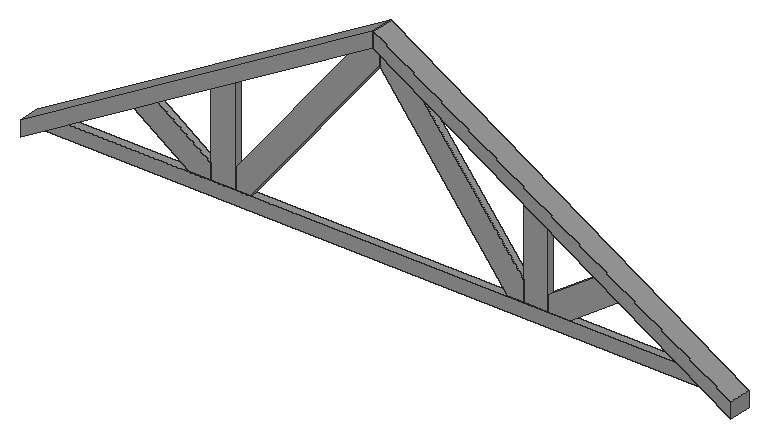
Revit family "DoubleFanTruss", category Structural Framing, Revit 2021
Family settings
  Section Shape = Not Defined
  Material for Model Behavior = Wood
  Always export as geometry = No
  OmniClass Number = 23.25.30.21.14
  OmniClass Title = Trussed Beams and Joists
  Work Plane-Based = No
  Always vertical = Yes
  Cut with Voids When Loaded = No
  Symbolic Representation = From Family
  Shared = No
  Show family pre-cut in plan views = Yes
Parameters
  WebWidth [instance] = 140 mm
  TopWidth [instance] = 500 mm
  WebDepth [instance] = 550 mm
  Structural Material [instance] = Poche
  SpanRight [instance] = 7000 mm
  SpanLeft [instance] = 7000 mm
  Span [instance] = SpanLeft + SpanRight  # 14000 mm
  SlopeRight [instance] = 30.00°
  SlopeLeft [instance] = 30.00°
  OverhangRight [instance] = 900 mm
  OverhangLeft [instance] = 1000 mm
  BottomWidth [instance] = 180 mm
  BottomDepth [instance] = 300 mm
  TopDepth [instance] = 300 mm
Reference planes
  plane 1 "Center (Front/Back)": y = 0
  plane 2: z = 0
  plane 3 "Center (Left/Right)": x = 0
  plane 4: x = 7000
  plane 5: x = 8000
  plane 6: x = -7000
  plane 7: x = -7900
  plane 8: z = 300
  plane 9: x = 3500
  plane 10: x = -3500
  plane 11: x = 3775
  plane 12: x = -3775
  plane 13: x = -3225
  plane 14: x = 3225
  plane 15: x = 5250
  plane 16: x = -5250
Forms (mm)
  Extrusion 1, solid, material "Cherry"
    sketch origin (0, 0, 0) x (1, 0, 0) y (0, 0, 1)
      loop
        line (-7900, 126.795) -> (-7900, -219.615) -> (0, 4341.452) -> (0, 4687.862) -> (-7900, 126.795)
    from -250 to 250
  Extrusion 2, solid, material "Cherry"
    sketch origin (9125, 0, 9254.6) x (1, 0, 0) y (0, 0, 1)
      loop
        line (-1125, -9531.95) -> (-1125, -9185.54) -> (-9125, -4566.738) -> (-9125, -4913.148) -> (-1125, -9531.95)
    from -250 to 250
  Extrusion 3, solid, material "Cherry"
    sketch origin (0, 0, 0) x (1, 0, 0) y (0, 0, 1)
      loop
        line (7519.615, 0) -> (7000, 300) -> (-7000, 300) -> (-7519.615, 0) -> (7519.615, 0)
    from -90 to 90
  Extrusion 4, solid, material "Cherry"
    sketch origin (0, 0, 0) x (1, 0, 0) y (0, 0, 1)
      loop
        line (-3225, 2479.497) -> (-3775, 2161.955) -> (-3775, 300) -> (-3225, 300) -> (-3225, 2479.497)
    from -70 to 70
  Extrusion 5, solid, material "Cherry"
    sketch origin (0, 0, 0) x (1, 0, 0) y (0, 0, 1)
      loop
        line (3775, 2161.955) -> (3225, 2479.497) -> (3225, 300) -> (3775, 300) -> (3775, 2161.955)
    from -70 to 70
  Extrusion 6, solid, material "Cherry"
    sketch origin (0, 0, 0) x (1, 0, 0) y (0, 0, 1)
      loop
        line (-2873.175, 300) -> (0, 3900.557) -> (0, 4341.452) -> (-652.391, 3964.794) -> (-3225, 740.894) -> (-3225, 300) -> (-2873.175, 300)
    from -70 to 70
  Extrusion 7, solid, material "Cherry"
    sketch origin (0, 0, 0) x (1, 0, 0) y (0, 0, 1)
      loop
        line (652.391, 3964.794) -> (0, 4341.452) -> (0, 3900.557) -> (2873.175, 300) -> (3225, 300) -> (3225, 740.894) -> (652.391, 3964.794)
    from -70 to 70
  Extrusion 8, solid, material "Cherry"
    sketch origin (0, 0, 0) x (1, 0, 0) y (0, 0, 1)
      loop
        line (-3775, 633.331) -> (-4985.943, 1462.817) -> (-5514.057, 1157.909) -> (-4261.62, 300) -> (-3775, 300) -> (-3775, 633.331)
    from -70 to 70
  Extrusion 9, solid, material "Cherry"
    sketch origin (0, 0, 0) x (1, 0, 0) y (0, 0, 1)
      loop
        line (4261.62, 300) -> (5514.057, 1157.909) -> (4985.943, 1462.817) -> (3775, 633.331) -> (3775, 300) -> (4261.62, 300)
    from -70 to 70
Lines and regions (mm)
  reference lines
    curve 1: line (0, 250, 1795.888) -> (0, 250, -804.112)
    curve 2: line (0, -250, 1795.888) -> (0, -250, -804.112)
    curve 3: line (0, -70, 1795.888) -> (0, -70, -804.112)
    curve 4: line (0, -90, 1795.888) -> (0, -90, -804.112)
    curve 5: line (0, 70, 1795.888) -> (0, 70, -804.112)
    curve 6: line (0, 90, 1795.888) -> (0, 90, -804.112)
    curve 7: line (-7000, 0, 300) -> (1573.651, 0, 5250)
    curve 8: line (7000, 0, 300) -> (-534.421, 0, 4650)
    curve 9: line (-7128.558, 0, 572.187) -> (196.187, 0, 4801.131)
    curve 10: line (7128.558, 0, 572.187) -> (28.017, 0, 4671.686)
    curve 11: line (0, 0, 4341.452) -> (3225, 0, 300)
    curve 12: line (-3225, 0, 300) -> (0, 0, 4341.452)
    curve 13: line (-3366.421, 0, 563.67) -> (-141.421, 0, 4605.122)
    curve 14: line (-2986.026, 0, 158.579) -> (141.421, 0, 4077.782)
    curve 15: line (141.421, 0, 4605.122) -> (3366.421, 0, 563.67)
    curve 16: line (-141.421, 0, 4077.782) -> (2986.026, 0, 158.579)
    curve 17: line (3775, 0, 300) -> (5250, 0, 1310.363)
    curve 18: line (-3775, 0, 300) -> (-5250, 0, 1310.363)
    curve 19: line (3661.975, 0, 555.91) -> (5136.975, 0, 1566.273)
    curve 20: line (3888.025, 0, 44.09) -> (5363.025, 0, 1054.453)
    curve 21: line (-3661.975, 0, 555.91) -> (-5136.975, 0, 1566.273)
    curve 22: line (-3888.025, 0, 44.09) -> (-5363.025, 0, 1054.453)
Dimensions and locks
  "OverhangLeft": plane 4 to plane 5
  "OverhangRight": plane 6 to plane 7
  "SpanRight": plane 3 "Center (Left/Right)" to plane 6
  "SpanLeft": plane 3 "Center (Left/Right)" to plane 4
  equal spacing: curve 1, plane 1 "Center (Front/Back)", curve 2
  "TopWidth": curve 1 to curve 2
  equal spacing: curve 5, plane 1 "Center (Front/Back)", curve 3
  equal spacing: curve 6, plane 1 "Center (Front/Back)", curve 4
  "WebWidth": curve 5 to curve 3
  "BottomWidth": curve 6 to curve 4
  equal spacing: plane 4, plane 9, plane 3 "Center (Left/Right)"
  equal spacing: plane 3 "Center (Left/Right)", plane 10, plane 6
  "BottomDepth": plane 2 to plane 8
  "TopDepth": curve 9 to curve 7
  "TopDepth": curve 8 to curve 10
  equal spacing: plane 13, plane 10, plane 12
  equal spacing: plane 14, plane 9, plane 11
  "WebDepth": plane 13 to plane 12
  "WebDepth": plane 14 to plane 11
  equal spacing: plane 4, plane 15, plane 9
  equal spacing: plane 10, plane 16, plane 6
  equal spacing: curve 14, curve 12, curve 13
  "WebDepth": curve 14 to curve 13
  equal spacing: curve 16, curve 11, curve 15
  "WebDepth": curve 16 to curve 15
  equal spacing: curve 20, curve 17, curve 19
  "WebDepth": curve 20 to curve 19
  equal spacing: curve 21, curve 18, curve 22
  "WebDepth": curve 21 to curve 22
  "SlopeRight": angle curve 7 to plane 8
  "SlopeLeft": angle plane 8 to curve 8
  aligned and locked: plane 2 to level
  aligned and locked: plane 6 to curve 7
  aligned and locked: plane 8 to curve 7
  aligned and locked: plane 8 to curve 8
  aligned and locked: plane 4 to curve 8
  aligned and locked: Extrusion 1 sketch curve to curve 9
  aligned and locked: plane 3 "Center (Left/Right)" to Extrusion 1 sketch curve
  aligned and locked: Extrusion 1 sketch curve to curve 7
  aligned and locked: Extrusion 1 sketch curve to plane 7
  aligned and locked: Extrusion 2 sketch curve to curve 8
  aligned and locked: Extrusion 2 sketch curve to curve 10
  aligned and locked: plane 5 to Extrusion 2 sketch curve
  aligned and locked: plane 3 "Center (Left/Right)" to Extrusion 2 sketch curve
  aligned and locked: Extrusion 1 to curve 1
  aligned and locked: Extrusion 1 to curve 2
  aligned and locked: plane 2 to Extrusion 3 sketch curve
  aligned and locked: plane 8 to Extrusion 3 sketch curve
  aligned and locked: Extrusion 1 to Extrusion 3 sketch curve
  aligned and locked: Extrusion 2 to Extrusion 3 sketch curve
  aligned and locked: curve 6 to Extrusion 3
  aligned and locked: Extrusion 3 to curve 4
  aligned and locked: plane 13 to Extrusion 4 sketch curve
  aligned and locked: Extrusion 1 to Extrusion 4 sketch curve
  aligned and locked: Extrusion 4 sketch curve to plane 12
  aligned and locked: Extrusion 3 to Extrusion 4 sketch curve
  aligned and locked: Extrusion 5 sketch curve to plane 11
  aligned and locked: plane 14 to Extrusion 5 sketch curve
  aligned and locked: Extrusion 2 to Extrusion 5 sketch curve
  aligned and locked: Extrusion 3 to Extrusion 5 sketch curve
  aligned and locked: Extrusion 5 to curve 5
  aligned and locked: Extrusion 5 to curve 3
  aligned and locked: Extrusion 4 to curve 5
  aligned and locked: Extrusion 4 to curve 3
  aligned and locked: curve 14 to Extrusion 6 sketch curve
  aligned and locked: curve 13 to Extrusion 6 sketch curve
  aligned and locked: Extrusion 1 to Extrusion 6 sketch curve
  aligned and locked: Extrusion 6 sketch curve to plane 3 "Center (Left/Right)"
  aligned and locked: Extrusion 3 to Extrusion 6 sketch curve
  aligned and locked: plane 13 to Extrusion 6 sketch curve
  aligned and locked: curve 15 to Extrusion 7 sketch curve
  aligned and locked: curve 16 to Extrusion 7 sketch curve
  aligned and locked: Extrusion 5 to Extrusion 7 sketch curve
  aligned and locked: Extrusion 3 to Extrusion 7 sketch curve
  aligned and locked: Extrusion 7 sketch curve to plane 3 "Center (Left/Right)"
  aligned and locked: Extrusion 7 sketch curve to Extrusion 2
  aligned and locked: curve 21 to Extrusion 8 sketch curve
  aligned and locked: curve 22 to Extrusion 8 sketch curve
  aligned and locked: Extrusion 1 to Extrusion 8 sketch curve
  aligned and locked: Extrusion 4 to Extrusion 8 sketch curve
  aligned and locked: Extrusion 3 to Extrusion 8 sketch curve
  aligned and locked: curve 20 to Extrusion 9 sketch curve
  aligned and locked: curve 19 to Extrusion 9 sketch curve
  aligned and locked: Extrusion 2 to Extrusion 9 sketch curve
  aligned and locked: Extrusion 3 to Extrusion 9 sketch curve
  aligned and locked: Extrusion 9 sketch curve to Extrusion 5
  aligned and locked: Extrusion 6 to curve 5
  aligned and locked: Extrusion 6 to curve 3
  aligned and locked: Extrusion 7 to curve 5
  aligned and locked: Extrusion 7 to curve 3
  aligned and locked: curve 5 to Extrusion 8
  aligned and locked: Extrusion 8 to curve 3
  aligned and locked: curve 5 to Extrusion 9
  aligned and locked: Extrusion 9 to curve 3
  aligned and locked: Extrusion 2 to curve 1
  aligned and locked: Extrusion 2 to curve 2
Automatic sketch dimensions
  level to curve 6 = 804.112 mm
  curve 1 to curve 6 = 0 mm
  curve 4 to curve 1 = 0 mm
  curve 4 to curve 2 = 0 mm  (x2)
  curve 4 to curve 3 = 0 mm  (x2)
  curve 5 to curve 6 = 0 mm  (x2)
  curve 2 to plane 8 = 1495.888 mm
  curve 2 to curve 5 = 0 mm
  curve 1 to curve 5 = 0 mm
  plane 16 to curve 18 = 0 mm
  curve 18 to plane 8 = 0 mm
  curve 18 to plane 12 = 0 mm
  curve 12 to plane 8 = 0 mm
  plane 13 to curve 12 = 0 mm
  curve 12 to plane 3 "Center (Left/Right)" = 0 mm
  curve 11 to plane 8 = 0 mm
  plane 14 to curve 11 = 0 mm
  curve 17 to plane 8 = 0 mm
  curve 17 to plane 11 = 0 mm
  curve 17 to plane 15 = 0 mm
  curve 9 to plane 6 = 128.558 mm
  plane 16 to curve 22 = 113.025 mm
  curve 21 to plane 16 = 113.025 mm
  level to curve 22 = 44.09 mm
  plane 12 to curve 21 = 113.025 mm
  plane 10 to curve 13 = 133.579 mm
  plane 8 to curve 14 = 141.421 mm
  curve 16 to plane 3 "Center (Left/Right)" = 141.421 mm
  curve 13 to plane 3 "Center (Left/Right)" = 141.421 mm
  plane 3 "Center (Left/Right)" to curve 10 = 28.017 mm
  curve 10 to curve 15 = 113.404 mm
  plane 3 "Center (Left/Right)" to curve 14 = 141.421 mm
  plane 3 "Center (Left/Right)" to curve 9 = 196.187 mm
  plane 8 to curve 16 = 141.421 mm
  curve 15 to plane 9 = 133.579 mm
  curve 19 to plane 11 = 113.025 mm
  level to curve 20 = 44.09 mm
  curve 19 to plane 15 = 113.025 mm
  plane 15 to curve 20 = 113.025 mm
  curve 10 to plane 4 = 128.558 mm
